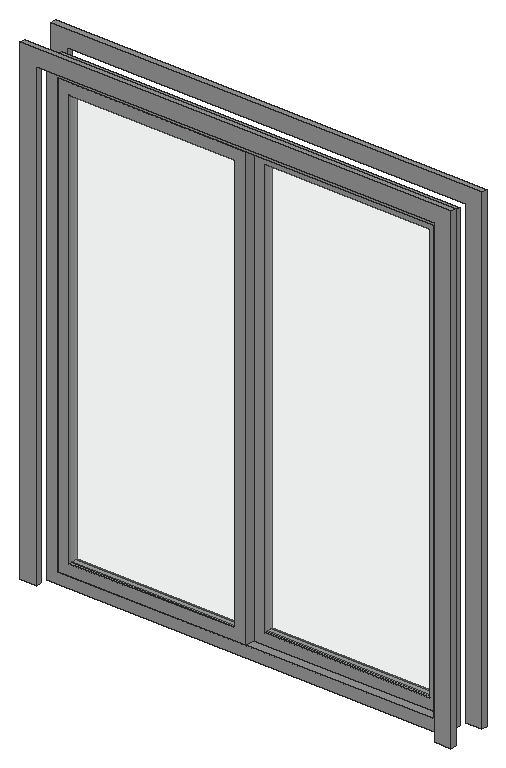
Revit family "Family72", category Doors, host Wall, Revit 2018
Family settings
  Host = Wall
  OmniClass Number = 23.30.10.00
  OmniClass Title = Doors
  Always vertical = Yes
  Cut with Voids When Loaded = No
  Shared = No
  Room Calculation Point = No
Parameters
  Visual Light Transmittance = 0
  URL = "www.skywardwindows.co.za"
  Thermal Resistance (R) = 0.2429 (m²·K)/W
  Telephone = "021 276 1800"
  Solar Heat Gain Coefficient = 0
  Slide Door Thickness = 42 mm
  Manufacturer = "Skyward Windows"
  Heat Transfer Coefficient (U) = 4.1165 W/(m²·K)
  Glass Thickness = 4 mm
  Glass = Glass
  Function = Interior
  Frame Projection Ext. = 25 mm
  Frame Projection Int. = 25 mm
  Frame Width = 75 mm
  Height = 2090 mm
  Wall Closure = By host
  Width = 1790 mm
  Email Address = "info@skywardwindows.co.za"
  Door Thickness = 84 mm
  Door Frame = white
  Company Address = "Charles Matthews Street Atlantis 7349"
  Analytic Construction = "Metal frame, double glass door"
Reference planes
  plane 1: y = 0
  plane 2 "Center (Left/Right)": x = 0
  plane 3 "Left": x = -895
  plane 4 "Right": x = 895
  plane 5: z = 2090
  plane 6 "Exterior": y = 75
  plane 7 "Interior": y = -75
Forms (mm)
  Extrusion 1, solid, material "white" <- "Door Frame"
    sketch origin (-3050, -75, 0) x (1, 0, 0) y (0, 0, 1)
      loop
        line (2080, 0) -> (2155, 0) -> (2155, 2090) -> (3945, 2090) -> (3945, 0) -> (4020, 0) -> (4020, 2165) -> (2080, 2165) -> (2080, 0)
    from 0 to 25
  Extrusion 2, solid, material "white" <- "Door Frame"
    sketch origin (-3050, 75, 0) x (-1, 0, 0) y (0, 0, 1)
      loop
        line (-2155, 0) -> (-2080, 0) -> (-2080, 2165) -> (-4020, 2165) -> (-4020, 0) -> (-3945, 0) -> (-3945, 2090) -> (-2155, 2090) -> (-2155, 0)
    from 0 to 25
  Extrusion 3, solid, material "white"
    sketch origin (0, -75, 0) x (1, 0, 0) y (0, 0, 1)
      loop
        line (-895, 2090) -> (-895, 0) -> (895, 0) -> (895, 2090) -> (-895, 2090)
      loop
        line (-845, 2040) -> (-845, 50) -> (845, 50) -> (845, 2040) -> (-845, 2040)
    from -117 to -33
  Extrusion 4, solid, material "white" <- "Door Frame"
    sketch origin (0, -75, 0) x (1, 0, 0) y (0, 0, 1)
      loop
        line (-845, 2040) -> (-845, 50) -> (0, 50) -> (0, 2040) -> (-845, 2040)
      loop
        line (-795, 100) -> (-50, 100) -> (-50, 1990) -> (-795, 1990) -> (-795, 100)
    from -75 to -33
  Extrusion 5, solid, material "white" <- "Door Frame"
    sketch origin (875, -33, 0) x (1, 0, 0) y (0, 0, 1)
      loop
        line (-875, 2040) -> (-875, 50) -> (-30, 50) -> (-30, 2040) -> (-875, 2040)
      loop
        line (-825, 100) -> (-80, 100) -> (-80, 1990) -> (-825, 1990) -> (-825, 100)
    from -75 to -33
  Extrusion 6, solid, material "Glass" <- "Glass"
    sketch origin (0, 0, 0) x (1, 0, 0) y (0, 1, 0)
      loop
        line (-795, -31) -> (-795, -35) -> (-50, -35) -> (-50, -31) -> (-795, -31)
      loop
        line (-50, -7) -> (-795, -7) -> (-795, -11) -> (-50, -11) -> (-50, -7)
      loop
        line (50, 11) -> (50, 7) -> (795, 7) -> (795, 11) -> (50, 11)
      loop
        line (795, 31) -> (795, 35) -> (50, 35) -> (50, 31) -> (795, 31)
    from 100 to 1990
Lines and regions (mm)
  Opening 1
    outline origin (-3050, -75, 0) x (1, 0, 0) y (0, 0, 1)
      loop
        line (2155, 0) -> (3945, 0) -> (3945, 2090) -> (2155, 2090) -> (2155, 0)
  symbolic lines, style "Elevation Swing"
    curve 1: line (895, -75, 1045) -> (-895, -75, 2090)
    curve 2: line (895, -75, 1045) -> (-895, -75, 0)
Text (mm)
  text "Exterior" at (-2295.016, 1099.543, 0), in view "Ref. Level"
  text "Exterior" at (0, 1615.38, 3698.081), in view "Left"
  text "Exterior" at (0, 1036.032, 3874.932), in view "Right"
Dimensions and locks
  equal spacing: plane 3 "Left", plane 2 "Center (Left/Right)", plane 4 "Right"
  "Width": plane 3 "Left" to plane 4 "Right"
  "Height": plane 5 to host wall
  equal spacing: host wall, curve 2, plane 5
  host wall to plane 5 = 2090 mm
  "Frame Projection Ext.": Extrusion 2 to Extrusion 2
  "Frame Projection Int.": Extrusion 1 to Extrusion 1
  "Frame Width": plane 3 "Left" to Extrusion 1 sketch curve
  "Frame Width": plane 4 "Right" to Extrusion 1 sketch curve
  "Frame Width": Extrusion 1 sketch curve to plane 5
  "Frame Width": plane 4 "Right" to Extrusion 2 sketch curve
  "Frame Width": plane 3 "Left" to Extrusion 2 sketch curve
  "Frame Width": plane 5 to Extrusion 2 sketch curve
  locked: plane 6 "Exterior" to host wall at 0
  locked: plane 7 "Interior" to host wall
  "Door Thickness": Extrusion 3 to Extrusion 3
  "Glass Thickness": Extrusion 6 to Extrusion 6
  "Slide Door Thickness": Extrusion 4 to Extrusion 4
  aligned and locked: plane 3 "Left" to Opening 1 sketch curve
  aligned and locked: plane 5 to Opening 1 sketch curve  (x2)
  aligned and locked: Opening 1 sketch curve to plane 4 "Right"
  aligned and locked: Opening 1 sketch curve to level
  aligned and locked: level to Extrusion 1 sketch curve
  aligned and locked: plane 5 to Extrusion 1 sketch curve  (x2)
  aligned and locked: Extrusion 1 sketch curve to plane 4 "Right"
  aligned and locked: plane 3 "Left" to Extrusion 1 sketch curve
  aligned and locked: plane 3 "Left" to Extrusion 2 sketch curve
  aligned and locked: plane 5 to Extrusion 2 sketch curve  (x2)
  aligned and locked: level to Extrusion 2 sketch curve
  aligned and locked: plane 5 to curve 1
  aligned and locked: plane 3 "Left" to curve 2
  aligned and locked: plane 1 to host wall
  aligned and locked: plane 3 "Left" to curve 1
  aligned and locked: Extrusion 4 to Extrusion 3  (x2)
  aligned and locked: Extrusion 5 to Extrusion 3  (x2)
  aligned and locked: Extrusion 5 to plane 2 "Center (Left/Right)"
  aligned and locked: Extrusion 3 to Extrusion 5
  aligned and locked: host wall to Extrusion 5
  aligned and locked: Extrusion 4 to host wall
  aligned and locked: Extrusion 3 to Extrusion 4
Automatic sketch dimensions
  curve 2 to level = 0 mm
  plane 4 "Right" to curve 2 = 0 mm
  Extrusion 1 sketch curve to level = 0 mm
  plane 4 "Right" to Extrusion 2 sketch curve = 0 mm
  Extrusion 2 sketch curve to level = 0 mm
  Extrusion 3 sketch curve to level = 0 mm
  plane 3 "Left" to Extrusion 3 sketch curve = 0 mm
  plane 4 "Right" to Extrusion 3 sketch curve = 0 mm
  Extrusion 3 sketch curve to plane 5 = 0 mm
  Extrusion 3 sketch curve to plane 3 "Left" = 50 mm
  plane 4 "Right" to Extrusion 3 sketch curve = 50 mm
  level to Extrusion 3 sketch curve = 50 mm
  plane 5 to Extrusion 3 sketch curve = 50 mm
  Extrusion 4 sketch curve to plane 3 "Left" = 50 mm
  Extrusion 4 sketch curve to Extrusion 4 sketch curve = 50 mm  (x2)
  Extrusion 4 sketch curve to plane 2 "Center (Left/Right)" = 50 mm
  Extrusion 4 sketch curve to plane 2 "Center (Left/Right)" = 0 mm
  level to Extrusion 4 sketch curve = 50 mm
  plane 5 to Extrusion 4 sketch curve = 100 mm
  plane 5 to Extrusion 4 sketch curve = 50 mm
  plane 2 "Center (Left/Right)" to Extrusion 5 sketch curve = 0 mm
  Extrusion 5 sketch curve to Extrusion 5 sketch curve = 50 mm  (x2)
  plane 4 "Right" to Extrusion 5 sketch curve = 100 mm
  plane 4 "Right" to Extrusion 5 sketch curve = 50 mm
  level to Extrusion 5 sketch curve = 50 mm
  plane 5 to Extrusion 5 sketch curve = 100 mm
  plane 5 to Extrusion 5 sketch curve = 50 mm
  host wall to Extrusion 6 sketch curve = 31 mm
  Extrusion 6 sketch curve to plane 3 "Left" = 100 mm
  host wall to Extrusion 6 sketch curve = 7 mm
  Extrusion 6 sketch curve to Extrusion 6 sketch curve = 0 mm  (x4)
  Extrusion 6 sketch curve to plane 2 "Center (Left/Right)" = 50 mm
  Extrusion 6 sketch curve to host wall = 11 mm
  plane 2 "Center (Left/Right)" to Extrusion 6 sketch curve = 50 mm
  Extrusion 6 sketch curve to host wall = 31 mm
  plane 4 "Right" to Extrusion 6 sketch curve = 100 mm
  Extrusion 6 sketch curve to Extrusion 6 sketch curve = 4 mm  (x4)
